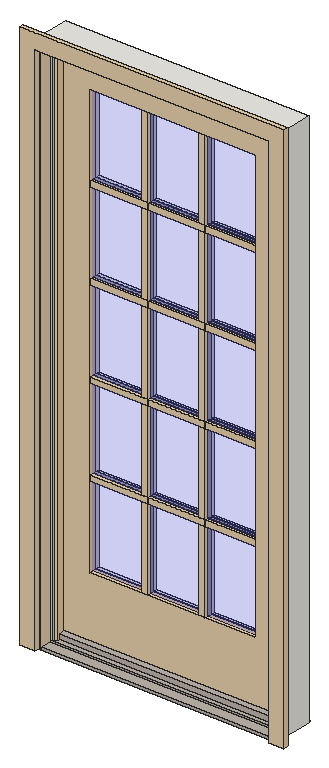
Revit family "Door-Outswing-Andersen-400_Series-Single 4", category Doors, host Wall, Revit 2013
Parameters
  Visual Light Transmittance = 0.37  # constant formula
  Type Comments = "Vinyl-clad wood outswing single door"  # constant formula
  Thermal Resistance (R) = 0.58645  # 3.3300 (h·ft²·°F)/BTU
  Solar Heat Gain Coefficient = 0.16  # constant formula
  Rough Width = Width + (Rough Opening Offset * 2)  # 3' - 0 159/256"
  Rough Opening Offset = 0' - 0 3/8"
  Masonry Width = if(Enter Exterior Trim Number > 0, Width + ((casing4 + Masonry Opening Offset) * 2), Width + (Masonry Opening Offset * 2))  # 3' - 0 159/256"
  Masonry Opening Offset = 0' - 0 3/8"
  Masonry Height = if(Enter Exterior Trim Number > 0, Height + (casing4 + 0' 0 1/2"), Height + 0' 0 1/2")  # 6' - 8 1/2"
  Learn About These Parameters = "http://www.andersenwindows.com/for-professionals/cad-symbols-bim-support-window-doors/bim-support"
  Heat Transfer Coefficient (U) = 1.7035  # 0.3000 BTU/(h·ft²·°F)
  Grille Bar Sizes = "3/4'', 7/8'', 1 1/8'', 2 1/4''"  # constant formula
  Between Glass Grille Bar Sizes = "3/4'', 1''"  # constant formula
  Interior Trim Visibility = yes
  Grille Bar Size = 0' - 0 7/8"
  Enter Pattern Number = 1
  Assembly Code = "B2030100"
  ..Pattern Number 1 = "Colonial"  # constant formula
  . . Lights Wide = 3
  . . Lights High = 5
  ..Pattern Number 2 = "Modified Colonial"  # constant formula
  ..Pattern Number 3 = "Prairie"  # constant formula
  ..Pattern Number 4 = "Short Fractional"  # constant formula
  ..Pattern Number 5 = "Tall Fractional"  # constant formula
  Extension Jamb Visibility = yes
  Enter Exterior Trim Number = 0
  ..Exterior Trim Number 0 = "No Exterior Trim"  # constant formula
  ..Exterior Trim Number 1 = "Brick Mould"  # constant formula
  ..Exterior Trim Number 2 = "3 1/2'' Flat Casing"  # constant formula
  ..Exterior Trim Number 3 = "4 1/2'' Flat Casing"  # constant formula
  Interior Grille Bar Visibility = yes
  Exterior Grille Bar Visibility = yes
  Between Glass Grille Bar Visibility = yes
  xjamb Visibility [instance] = and(Extension Jamb Visibility, Wall Depth > 0' 4 9/16")  # no
  xjamb S1 [instance] = if(Wall Depth < 0' 4 5/8", 0' 0 1/16", 0' 0")  # 0' - 0 1/16"
  casingS2 = if(Enter Exterior Trim Number = 1, 0' 0 3/16", 0' 0 3/16")  # 0' - 0 3/16"
  casingS1 = if(Enter Exterior Trim Number = 1, 0' 0 7/16", 0' 0 3/16")  # 0' - 0 3/16"
  casing4 = if(Enter Exterior Trim Number = 1, 0' 1 3/4", if(Enter Exterior Trim Number = 2, 0' 3 1/4", 0' 4 1/4"))  # 0' - 4 1/4"
  casing3 = 0' - 0 1/2"  # constant formula
  casing2 = 0' - 0 7/8"  # constant formula
  casing1 = 0' - 0 1/4"  # constant formula
  Wall Thickness [instance] = 0' - 8"
  Wall Depth [instance] = 0' - 4 9/16"
  Void Offset 1 [instance] = if(Enter Exterior Trim Number > 0, casing4, 0' 0")  # 0' - 0"
  Void Depth [instance] = if(Wall Thickness > Wall Depth, 0' 1" + Wall Thickness - Wall Depth, 0' 1")  # 0' - 4 7/16"
  VGB DLO = if(Enter Pattern Number = 3, 0' 4", (H DLO - (Grille Bar Size * (V Bars))) / if(LWide > 2, LWide, 3))  # 0' - 7.60286"
  V Bars = if(Enter Pattern Number = 3, 2, if(LWide > 2, LWide - 1, 2))  # 2
  URL = "www.andersenwindows.com"
  Thickness = 2' - 3.70457"
  TS V DLO = Height - HGO - SGO  # 5' - 3 3/4"
  TS V Bar Length = if(or(Enter Pattern Number = 5, Enter Pattern Number = 2), ((((Height - HGO - SGO - (Grille Bar Size * (Fractional Lights High - 1))) / Fractional Lights High)) * TFL) + (TFB * Grille Bar Size), if(Enter Pattern Number = 4, ((Height - HGO - SGO - (Grille Bar Size * (Fractional Lights High - 1))) / Fractional Lights High), Height - HGO - SGO))  # 5' - 3 3/4"
  TS SH DLO = if(or(Enter Pattern Number = 5, Enter Pattern Number = 2), ((((Height - HGO - SGO - (Grille Bar Size * (Fractional Lights High - 1))) / Fractional Lights High)) * TFL) + (TFB * Grille Bar Size) + HGO + (Grille Bar Size / 2), if(Enter Pattern Number = 4, TS V Bar Length + HGO + (Grille Bar Size / 2), (TS V DLO / 2) + HGO))  # 3' - 1 13/16"
  TS S V = or(and(LWide = 2, Enter Pattern Number = 1), and(Fractional Lights Wide = 2, or(or(Enter Pattern Number = 2, Enter Pattern Number = 4), Enter Pattern Number = 5)))  # no
  TS S H Craftsman = and(Enter Pattern Number = 2, or(Fractional Lights High = 4, Fractional Lights High = 5))  # no
  TS S H = or(or(or(and(. . Lights High = 2, Enter Pattern Number = 1), and(Enter Pattern Number = 4, Fractional Lights High > 1)), and(Enter Pattern Number = 5, Fractional Lights High > 1)), and(Enter Pattern Number = 2, Fractional Lights High > 1))  # no
  TS M V = and(Enter Pattern Number > 0, LWide > 2)  # yes
  TS M H = or(or(Enter Pattern Number = 3, and(. . Lights High > 2, Enter Pattern Number = 1)), and(Enter Pattern Number = 2, Fractional Lights High > 5))  # yes
  TS HGB DLO = if(Enter Pattern Number = 1, if(. . Lights High > 2, ((TS V Bar Length - (Grille Bar Size * (. . Lights High - 1))) / . . Lights High), 0' 4"), if(Enter Pattern Number = 3, 0' 4", if(Fractional Lights High > 2, ((TS V Bar Length - (Grille Bar Size * 2)) / 3), 0' 4")))  # 1' - 0.05"
  TS H Bars = if(Enter Pattern Number = 3, 2, if(Enter Pattern Number = 1, if(. . Lights High > 2, . . Lights High - 1, 2), 2))  # 4
  TFL = if(Fractional Lights High > 5, 3, if(or(Fractional Lights High = 4, Fractional Lights High = 5), 2, if(or(Fractional Lights High = 2, Fractional Lights High = 3), 1, 1)))  # 2
  TFB = TFL - 1  # 1
  Sill Interior Offset [instance] = 0' - 0"  # constant formula
  Sill Height [instance] = 0' - 1 1/4"  # constant formula
  Rough Height = if(1 > 0, Height + 0' 0 1/2", 0' 0")  # 6' - 8 1/2"
  Panel Bottom Inset [instance] = 0' - 2 5/32"  # constant formula
  Sill Depth [instance] = 0' - 6"  # constant formula
  SGO = 0' - 10 5/16"  # constant formula
  Product Documentation Link = "http://www.andersenwindows.com/products/400-series-frenchwood-hinged-patio-door/"
  Panel Width = (Width) - (0' 1 1/2" * 2)  # 2' - 8 223/256"
  Panel Height [instance] = (CTRL Height - 0' 0 1/2" - Panel Bottom Inset) - 0' 0 3/32"  # 6' - 5 1/4"
  Nail Fin Visibility = Enter Exterior Trim Number = 0  # yes
  Model = "400 Series"  # constant formula
  Manufacturer = "Andersen Corporation"  # constant formula
  LWide = if(Enter Pattern Number = 3, 3, if(Enter Pattern Number = 1, . . Lights Wide, Fractional Lights Wide))  # 3
  JGO = 0' - 5 21/32"  # constant formula
  Is Gliding = 1 = 1  # yes
  Interior Unit Finish = Wood - Andersen - Pine
  Interior Trim Size = 0' - 2 1/4"
  Interior Trim Finish = Wood - Andersen - Pine
  Horizontal Craftsman Bar Size = 0' - 0 3/4"
  HGO = 0' - 5 15/16"  # constant formula
  H DLO = (Width) - JGO - JGO  # 2' - 0 143/256"
  Glazing Material = Glass ‐ Andersen - Low-E4 SmartSun
  Function = Exterior
  Height = 6' - 8"
  Wall Closure = By host
  Width = 2' - 11 223/256"
  Frame Interior Inset [instance] = 0' - 0"  # constant formula
  Frame Depth [instance] = 0' - 5 7/8"  # constant formula
  Fractional Lights Wide = 3
  Fractional Lights High = 5
  Family Version = "06.01.14"  # constant formula
  Exterior Unit Finish = Fiberglass - Andersen - White
  Exterior Trim Finish = Fibrex Composite - Andersen - White
  Designation = "FWO"
  Description = "Vinyl-clad wood outswing single door"  # constant formula
  Coarse Plan [instance] = if(Wall Depth > Wall Thickness, Wall Thickness, Wall Depth)  # 0' - 4 9/16"
  Casing Visibility [instance] = Enter Exterior Trim Number > 0  # no
  CTRL Height [instance] = Height  # 6' - 8"
  Between Glass Grille Bar Finish = Stainless Steel - Andersen - Standard
  BS V DLO = Height - HGO - SGO  # 5' - 3 3/4"
  BS SH DLO = 3' - 6 3/16"
  BS S V = and(LWide = 2, Enter Pattern Number = 1)  # no
  BS M V = or(or(and(LWide > 2, Enter Pattern Number = 1), Enter Pattern Number = 3), Enter Pattern Number = 5)  # yes
Reference planes (in)
  plane 1 "Center (Front/Back)": y = 0
  plane 2 "Center (Left/Right)": x = 0
  plane 3 "R Frame": x = -17.93555
  plane 4 "L Frame": x = 17.93555
  plane 5 "T Frame": z = 80
  plane 6 "Wall S1": y = 5.0625
  plane 7 "Wall S2": y = -2.9375
  plane 8 "Interior Casing": y = -3.5625
  plane 9 "Frame S2": y = -2.9375
  plane 10 "Flange": y = 1.625
  plane 11 "Frame S1": y = 2.9375
  plane 12 "Casing S2": y = 3.125
  plane 13 "Casing S1": y = 3.125
  plane 14 "Exterior Offset": y = 6.0625
  plane 15 "Coarse Detail Plan": y = 1.5625
  plane 16 "R Rough Opening": x = -18.31055
  plane 17 "R Casing 1": x = -17.68555
  plane 18 "R Casing 2": x = -21.31055
  plane 19 "R Casing 3": x = -21.68555
  plane 20 "R Casing 4": x = -22.18555
  plane 21 "R Masonry Opening": x = -18.31055
  plane 22 "L Masonry Opening": x = 18.31055
  plane 23 "L Casing 4": x = 22.18555
  plane 24 "L Casing 3": x = 21.68555
  plane 25 "L Casing 2": x = 21.31055
  plane 26 "L Casing 1": x = 17.68555
  plane 27 "L Rough Opening": x = 18.31055
  plane 28 "T Rough Opening": z = 80.5
  plane 29 "T Casing 1": z = 79.75
  plane 30 "T Casing 2": z = 83.375
  plane 31 "T Casing 3": z = 83.75
  plane 32 "T Casing 4": z = 84.25
  plane 33 "T Masonry Opening": z = 80.5
  plane 34 "R Int Casing": x = -19.43555
  plane 35 "R Xjamb 2": x = -17.81055
  plane 36 "R Xjamb 1": x = -17.18555
  plane 37 "L Int Casing": x = 19.43555
  plane 38 "L Xjamb 2": x = 17.81055
  plane 39 "L Xjamb 1": x = 17.18555
  plane 40 "T Int Casing": z = 81.5
  plane 41 "T Xjamb 2": z = 79.875
  plane 42 "T Xjamb 1": z = 79.25
  plane 43 "L Panel": x = 16.5293
  plane 44 "R Panel": x = -16.5293
  plane 45 "T Panel": z = 78.6875
  plane 46 "B Panel": z = 1.4375
  plane 47 "B Glazing": z = 10.3125
  plane 48 "T Glazing": z = 74.0625
  plane 49 "L Glazing": x = 12.2793
  plane 50 "Panel1 S1": y = 0.09813
  plane 51 "Xjamb S1": y = -2.875
  plane 52 "Frame S2 Ext": y = 2.9375
  plane 53 "Stop Exterior": y = 0.28125
  plane 54 "Stop Interior": y = -1.21875
  plane 55 "Sill Interior": y = -2.9375
  plane 56 "Sill Exterior": y = 3.0625
  plane 57 "L Stop": x = 16.2168
  plane 58 "R Stop": x = -16.2168
  plane 59 "T Stop": z = 78.19848
  plane 60 "Sill Height": z = 1.25
  plane 61 "Panel2 S1": y = 2
  plane 62 "Panel2 S2": y = 0.28125
  plane 63 "R Panel Jamb": x = -15.50208
  plane 64 "Panel Elevation Center": z = 40.0625
  plane 65 "Vertical Bar Length": z = 10.3125
  plane 66: x = -5.31055
  plane 67 "R Glazing": x = -12.2793
  plane 68 "Back of Glazing": y = 1.52525
  plane 69 "Front of Glazing": y = 0.78125
  plane 70 "Glazing offset": x = 13.33325
  plane 71 "Left Glazing Offset": x = -13.20825
Forms (in)
  Extrusion 1, void
    sketch origin (0, 0, 0) x (1, 0, 0) y (0, 0, 1)
      loop
        line (17.93555, 80) -> (-17.93555, 80) -> (-17.93555, 0) -> (17.93555, 0) -> (17.93555, 80)
    from -1.625 to 2.9375
  Extrusion 2, void
    sketch origin (0, 0, 0) x (1, 0, 0) y (0, 0, 1)
      loop
        line (17.93555, 80) -> (-17.93555, 80) -> (-17.93555, 0) -> (17.93555, 0) -> (17.93555, 80)
    from -17.0625 to -1.625
  Sweep 3, solid, material "Fibrex Composite - Andersen - White" <- "Exterior Trim Finish", visible <- "Casing Visibility", detail levels medium+fine
    path origin (0, 1.625, 0) x (-1, 0, 0) y (0, 0, 1)
      loop
        line (-22.18555, 0) -> (-22.18555, 84.25) -> (22.18555, 84.25) -> (22.18555, 0)
    profile origin (22.18555, 1.625, 42.125) x (1, 0, 0) y (0, 1, 0)
      loop
        line (-0.875, 1.5) -> (-4.5, 1.5) -> (-4.5, 0) -> (0, 0) -> (0, 1.5) -> (-0.5, 1.5) -> (-0.875, 1.5)
  Extrusion 4, solid, material "Fibrex Composite - Andersen - White" <- "Exterior Trim Finish", visible <- "Casing Visibility", detail levels coarse
    sketch origin (0, 1.625, 0) x (-1, 0, 0) y (0, 0, 1)
      loop
        line (-17.68555, 79.75) -> (17.68555, 79.75) -> (17.68555, 0) -> (22.18555, 0) -> (22.18555, 84.25) -> (-22.18555, 84.25) -> (-22.18555, 0) -> (-17.68555, 0) -> (-17.68555, 79.75)
    from 0 to 1.4375
  Extrusion 5, solid, material "Wood - Andersen - Pine" <- "Interior Trim Finish", visible <- "Interior Trim Visibility", detail levels fine
    sketch origin (0, 0, 0) x (1, 0, 0) y (0, 0, 1)
      loop
        line (-17.18555, 79.25) -> (17.18555, 79.25) -> (17.18555, 0) -> (19.43555, 0) -> (19.43555, 81.5) -> (-19.43555, 81.5) -> (-19.43555, 0) -> (-17.18555, 0) -> (-17.18555, 79.25)
    from 2.9375 to 3.5625
  Extrusion 6, solid, material "Wood - Andersen - Pine" <- "Interior Trim Finish", visible <- "xjamb Visibility", detail levels medium+fine
    sketch origin (0, 0, 0) x (1, 0, 0) y (0, 0, 1)
      loop
        line (-17.81055, 0) -> (-17.18555, 0) -> (-17.18555, 79.25) -> (17.18555, 79.25) -> (17.18555, 0) -> (17.81055, 0) -> (17.81055, 79.875) -> (-17.81055, 79.875) -> (-17.81055, 0)
    from 2.875 to 2.9375
  Sweep 7, solid, material "Fiberglass - Andersen - White" <- "Exterior Unit Finish", detail levels medium+fine
    path origin (0, 1.625, 0) x (-1, 0, 0) y (0, 0, 1)
      loop
        line (-17.93555, 0) -> (-17.93555, 80) -> (17.93555, 80) -> (17.93555, 0)
    profile origin (17.93555, 1.625, 40) x (1, 0, 0) y (0, 1, 0)
      loop
        line (0, -4.5625) -> (0, 1.3125) -> (-0.5625, 1.3125) -> (-0.5625, -0.13232) -> (-1.28125, -0.13232) -> (-1.28125, -1.34375) -> (-1.71875, -1.34375) -> (-1.71875, -2.27216) -> (-1.40625, -2.64423) -> (-1.40625, -2.84375) -> (-1.03125, -2.84375) -> (-1.03125, -4.5625) -> (0, -4.5625)
  Sweep 8, solid, material "Fiberglass - Andersen - White" <- "Exterior Unit Finish", detail levels coarse
    path origin (-0.30351, 1.625, 0) x (-1, 0, 0) y (0, 0, 1)
      loop
        line (-18.23906, 0) -> (-18.23906, 80) -> (17.63204, 80) -> (17.63204, 0)
    profile origin (17.93555, 1.625, 40) x (1, 0, 0) y (0, 1, 0)
      loop
        line (-1.40625, -4.5625) -> (0, -4.5625) -> (0, 1.4375) -> (-1.40625, 1.4375) -> (-1.40625, -4.5625)
  Sweep 9, solid, material "Aluminum - Andersen - Painted - Sandtone", detail levels medium+fine
    path origin (0, 1.625, 0) x (-1, 0, 0) y (0, 0, 1)
      loop
        line (-17.93555, 0) -> (17.93555, 0)
    profile origin (0, 1.625, 0) x (0, 0, 1) y (0, 1, 0)
      loop
        line (0.32, -2.87202) -> (0.5, -2.87202) -> (0.5, -2.1085) -> (1.25, -2.1085) -> (1.25, -0.25307) -> (0.43839, -0.25307) -> (0.17079, 1.4375) -> (0, 1.4375) -> (0, -4.5625) -> (0.32, -4.5625) -> (0.32, -2.87202)
  Sweep 10, solid, material "Aluminum - Andersen - Painted - Sandtone", detail levels coarse
    path origin (0, 1.625, 0) x (-1, 0, 0) y (0, 0, 1)
      loop
        line (-16.5293, 1.4375) -> (16.5293, 1.4375)
    profile origin (0, 1.625, 1.4375) x (0, 0, 1) y (0, 1, 0)
      loop
        line (0, 1.4375) -> (-1.4375, 1.4375) -> (-1.4375, -4.5625) -> (0, -4.5625) -> (0, 1.4375)
  Sweep 11, solid, material "Fiberglass - Andersen - White" <- "Exterior Unit Finish"
    path origin (0, 0.28125, 0) x (-1, 0, 0) y (0, 0, 1)
      loop
        line (17.0918, 78.6875) -> (-17.0918, 78.6875)
    profile origin (0, 0.28125, 78.6875) x (0, 0, -1) y (0, 1, 0)
      loop
        line (-0.65625, 1.71875) -> (-0.65625, 1.244) -> (4.625, 1.244) -> (4.625, 1.71875) -> (-0.65625, 1.71875)
      loop
        line (68.375, 1.71875) -> (68.375, 1.244) -> (78.03125, 1.244) -> (78.03125, 1.71875) -> (68.375, 1.71875)
  Sweep 12, solid, material "Glass ‐ Andersen - Low-E4 SmartSun" <- "Glazing Material"
    path origin (0, 0, 0) x (1, 0, 0) y (0, 1, 0)
      loop
        line (-12.2793, 0.78125) -> (12.2793, 0.78125)
    profile origin (0, 0.78125, 0) x (0, 1, 0) y (0, 0, 1)
      loop
        line (0.744, 74.0625) -> (0, 74.0625) -> (0, 10.3125) -> (0.744, 10.3125) -> (0.744, 74.0625)
  Sweep 13, solid, material "Wood - Andersen - Pine" <- "Interior Unit Finish"
    path origin (0, 1.625, 0) x (-1, 0, 0) y (0, 0, 1)
      loop
        line (-16.5293, 40.0625) -> (16.5293, 40.0625)
    profile origin (0, 1.625, 40.0625) x (0, 0, 1) y (0, 1, 0)
      loop
        line (-29.75, -0.09975) -> (-38.625, -0.09975) -> (-38.625, -1.34375) -> (-29.75, -1.34375) -> (-29.75, -0.09975)
      loop
        line (38.625, -0.09975) -> (34, -0.09975) -> (34, -1.34375) -> (38.625, -1.34375) -> (38.625, -0.09975)
  Sweep 14, solid, material "Wood - Andersen - Pine" <- "Interior Unit Finish"
    path origin (0, 1.625, 0) x (-1, 0, 0) y (0, 0, 1)
      loop
        line (0, 78.19848) -> (0, 1.4375)
    profile origin (0, 1.625, 39.81799) x (0, 1, 0) y (-1, 0, 0)
      loop
        line (-0.09975, -16.5293) -> (-0.09975, -12.2793) -> (-1.34375, -12.2793) -> (-1.34375, -16.5293) -> (-0.09975, -16.5293)
      loop
        line (-0.09975, 12.2793) -> (-0.09975, 16.5293) -> (-1.34375, 16.5293) -> (-1.34375, 12.2793) -> (-0.09975, 12.2793)
  Sweep 15, solid, material "Fiberglass - Andersen - White" <- "Exterior Unit Finish"
    path origin (1.31335, 1.625, -1.03686) x (-1, 0, 0) y (0, 0, 1)
      loop
        line (1.31335, 75.09936) -> (1.31335, 11.34936)
    profile origin (0, 1.625, 42.1875) x (0, 1, 0) y (-1, 0, 0)
      loop
        line (0.375, -17.0918) -> (0.375, -12.2793) -> (-0.09975, -12.2793) -> (-0.09975, -17.0918) -> (0.375, -17.0918)
      loop
        line (0.375, 12.2793) -> (0.375, 17.0918) -> (-0.09975, 17.0918) -> (-0.09975, 12.2793) -> (0.375, 12.2793)
  Sweep 16, void
    path origin (-0.01285, 1.625, -0.25051) x (-1, 0, 0) y (0, 0, 1)
      loop
        line (-17.93555, 0.25051) -> (-17.93555, 10.56301)
    profile origin (17.9227, 1.625, 5.15625) x (1, 0, 0) y (0, 1, 0)
      loop
        line (0.01285, -4.5625) -> (0.01285, 1.3125) -> (-0.54965, 1.3125) -> (-0.54965, -0.13232) -> (-1.2684, -0.13232) -> (-1.2684, -1.34375) -> (-1.7059, -1.34375) -> (-1.7059, -2.27216) -> (-1.3934, -2.64423) -> (-1.3934, -2.84375) -> (-1.0184, -2.84375) -> (-1.0184, -4.5625) -> (0.01285, -4.5625)
      loop
        line (-35.85825, -4.5625) -> (-34.827, -4.5625) -> (-34.827, -2.84375) -> (-34.452, -2.84375) -> (-34.452, -2.64423) -> (-34.1395, -2.27216) -> (-34.1395, -1.34375) -> (-34.577, -1.34375) -> (-34.577, -0.13232) -> (-35.29575, -0.13232) -> (-35.29575, 1.3125) -> (-35.85825, 1.3125) -> (-35.85825, -4.5625)
Cuts and joins
  joined: Sweep 13, Sweep 14
  joined: Sweep 11, Sweep 15
  Sweep 16 cuts Sweep 9
Lines and regions (in)
  Masking region 1
    outline origin (0, 0, 0) x (1, 0, 0) y (0, 1, 0)
      loop
        line (-17.93555, 3.0625) -> (-17.93555, -2.9375) -> (17.93555, -2.9375) -> (17.93555, 3.0625) -> (-17.93555, 3.0625)
  Masking region 2
    outline origin (0, 0, 0) x (0, 1, 0) y (0, 0, 1)
      loop
        line (2.9375, 80) -> (-2.9375, 80) -> (-2.9375, 0) -> (2.9375, 0) -> (2.9375, 80)
  Masking region 3, visible <- "Casing Visibility", detail levels medium
    outline origin (0, 0, 0) x (1, 0, 0) y (0, 1, 0)
      loop
        line (-22.18555, 3.125) -> (-22.18555, 1.625) -> (-17.93555, 1.625) -> (-17.93555, 3.125) -> (-22.18555, 3.125)
  Masking region 4, visible <- "Casing Visibility", detail levels medium
    outline origin (0, 0, 0) x (1, 0, 0) y (0, 1, 0)
      loop
        line (17.93555, 3.125) -> (17.93555, 1.625) -> (22.18555, 1.625) -> (22.18555, 3.125) -> (17.93555, 3.125)
  Masking region 5, visible <- "Casing Visibility"
    outline origin (0, 3.125, 0) x (-1, 0, 0) y (0, 0, 1)
      loop
        line (-22.18555, 84.25) -> (-22.18555, 0) -> (-17.93555, 0) -> (-17.93555, 80) -> (17.93555, 80) -> (17.93555, 0) -> (22.18555, 0) -> (22.18555, 84.25) -> (-22.18555, 84.25)
  Masking region 6, visible <- "Interior Trim Visibility", detail levels fine
    outline origin (0, -3.5625, 0) x (-1, 0, 0) y (0, 0, 1)
      loop
        line (-19.43555, 81.5) -> (-19.43555, 0) -> (-17.18555, 0) -> (-17.18555, 79.25) -> (17.18555, 79.25) -> (17.18555, 0) -> (19.43555, 0) -> (19.43555, 81.5) -> (-19.43555, 81.5)
  Masking region 7
    outline origin (0, -1.21875, 0) x (-1, 0, 0) y (0, 0, 1)
      loop
        line (-17.93555, 80) -> (-17.93555, 0) -> (17.93555, 0) -> (17.93555, 80) -> (-17.93555, 80)
      loop
        line (-16.2168, 78.19848) -> (-16.2168, 1.25) -> (16.2168, 1.25) -> (16.2168, 78.19848) -> (-16.2168, 78.19848)
  Masking region 8
    outline origin (0, 0.28125, 0) x (-1, 0, 0) y (0, 0, 1)
      loop
        line (17.93555, 80) -> (-17.93555, 80) -> (-17.93555, 0) -> (17.93555, 0) -> (17.93555, 80)
      loop
        line (16.2168, 78.19848) -> (-16.2168, 78.19848) -> (-16.2168, 1.4375) -> (16.2168, 1.4375) -> (16.2168, 78.19848)
  Masking region 9
    outline origin (0, 2, 0) x (-1, 0, 0) y (0, 0, 1)
      loop
        line (16.5332, 78.6875) -> (-16.5293, 78.6875) -> (-16.5293, 1.4375) -> (16.5332, 1.4375) -> (16.5332, 78.6875)
  Masking region 10, visible <- "Interior Trim Visibility", detail levels fine
    outline origin (0, 0, 0) x (1, 0, 0) y (0, 1, 0)
      loop
        line (-19.43555, -2.9375) -> (-19.43555, -3.5625) -> (-17.18555, -3.5625) -> (-17.18555, -2.9375) -> (-19.43555, -2.9375)
  Masking region 11, visible <- "xjamb Visibility", detail levels medium+fine
    outline origin (0, 0, 0) x (1, 0, 0) y (0, 1, 0)
      loop
        line (-17.81055, -2.875) -> (-17.81055, -2.9375) -> (-17.18555, -2.9375) -> (-17.18555, -2.875) -> (-17.81055, -2.875)
  Masking region 12, visible <- "Interior Trim Visibility", detail levels fine
    outline origin (0, 0, 0) x (1, 0, 0) y (0, 1, 0)
      loop
        line (17.18555, -2.9375) -> (17.18555, -3.5625) -> (19.43555, -3.5625) -> (19.43555, -2.9375) -> (17.18555, -2.9375)
  Masking region 13, visible <- "xjamb Visibility", detail levels medium+fine
    outline origin (0, 0, 0) x (1, 0, 0) y (0, 1, 0)
      loop
        line (17.18555, -2.875) -> (17.18555, -2.9375) -> (17.81055, -2.9375) -> (17.81055, -2.875) -> (17.18555, -2.875)
  Masking region 14, visible <- "Interior Trim Visibility", detail levels fine
    outline origin (0, 0, 0) x (0, 1, 0) y (0, 0, 1)
      loop
        line (-2.9375, 81.5) -> (-3.5625, 81.5) -> (-3.5625, 0) -> (-2.9375, 0) -> (-2.9375, 81.5)
  Masking region 15, visible <- "xjamb Visibility", detail levels medium+fine
    outline origin (0, 0, 0) x (0, 1, 0) y (0, 0, 1)
      loop
        line (-2.875, 79.875) -> (-2.9375, 79.875) -> (-2.9375, 0) -> (-2.875, 0) -> (-2.875, 79.875)
  Masking region 16, visible <- "Casing Visibility", detail levels fine
    outline origin (0, 0, 0) x (0, 1, 0) y (-1, 0, 0)
      loop
        line (3.125, 17.68555) -> (3.125, 21.31055) -> (3.125, 21.68555) -> (3.125, 22.18555) -> (1.625, 22.18555) -> (1.625, 17.93555) -> (2.9375, 17.93555) -> (2.9375, 17.68555) -> (3.125, 17.68555)
      loop
        line (3.125, -17.68555) -> (2.9375, -17.68555) -> (2.9375, -17.93555) -> (1.625, -17.93555) -> (1.625, -22.18555) -> (3.125, -22.18555) -> (3.125, -21.68555) -> (3.125, -21.31055) -> (3.125, -17.68555)
  Masking region 17, visible <- "Casing Visibility"
    outline origin (0, 0, 0) x (0, 1, 0) y (0, 0, 1)
      loop
        line (1.625, 84.25) -> (1.625, 80) -> (2.9375, 80) -> (2.9375, 0) -> (3.125, 0) -> (3.125, 84.25) -> (1.625, 84.25)
  Split face 1
    outline origin (-16.5293, -2.9375, 78.59375) x (0, 0, -1) y (0, 1, 0)
      loop
        line (78.59375, 4.46275) -> (0, 4.46275)
  Split face 2
    outline origin (16.5293, -2.9375, 78.59375) x (0, 1, 0) y (-1, 0, 0)
      loop
        line (4.46275, 33.05859) -> (4.46275, 0)
  Split face 3
    outline origin (16.5293, -2.9375, 0) x (0, 0, 1) y (0, 1, 0)
      loop
        line (78.59375, 4.46275) -> (0, 4.46275)
  symbolic lines, style "DoorsFrameMullionProjection", visible <- "Casing Visibility", detail levels medium+fine
    curve 1: line (0, 3.125, 83.75) -> (0, 3.125, 83.375)
    curve 2: line (0, 3.125, 83.375) -> (0, 3.125, 79.75)
    curve 3: line (0, 3.125, 79.75) -> (0, 2.9375, 79.75)
  symbolic lines, style "DoorsFrameMullionProjection", visible <- "Casing Visibility", detail levels coarse
    curve 4: line (0, 2.9375, 80) -> (0, 3.125, 80)
  symbolic lines, style "DoorsFrameMullionProjection", detail levels coarse
    curve 5: line (16.5293, 3.0625, 2.1562) -> (16.5293, 0.28125, 2.1562)
    curve 6: line (0, -2.9375, 78.6875) -> (0, 2.9375, 78.6875)
    curve 32: line (-16.5293, 3.0625, 2.1562) -> (-16.5293, -2.9375, 2.1562)
    curve 34: line (0, 2, 78.6875) -> (0, 0.28125, 78.6875)
    curve 37: line (0, 0.28125, 78.6875) -> (0, 0.28125, 1.4375)
    curve 40: line (16.5293, 0.28125, 0) -> (16.5293, 2, 0)
    curve 116: line (16.5293, 3.0625, 2.1562) -> (16.5293, -2.9375, 2.1562)
    curve 187: line (16.53268, 0.28125, 0) -> (16.53268, 2, 0)
    curve 188: line (-16.5293, 2, 0) -> (16.53268, 2, 0)
    curve 189: line (16.53268, 0.28125, 0) -> (-16.5332, 0.28125, 0)
    curve 200: line (0, 2.9375, 1.4375) -> (0, -2.9375, 1.4375)
  symbolic lines, style "DoorsFrameMullionProjection", detail levels medium+fine
    curve 7: line (-17.56055, -2.9375, 1.4375) -> (-17.93555, -2.9375, 1.4375)
    curve 10: line (16.5293, 3.0625, 1.4375) -> (16.5293, 3.0625, 0)
    curve 11: line (-16.5293, 3.0625, 1.4375) -> (-16.5293, 3.0625, 0)
    curve 35: line (0, 2, 0.93635) -> (0, 2, 79.34375)
    curve 36: line (0, 0.28125, 1.4375) -> (0, 1.52525, 1.4375)
    curve 41: line (0, -1.24702, 0.32) -> (0, -2.9375, 0.32)
    curve 42: line (0, -1.24702, 0.5) -> (0, -1.24702, 0.32)
    curve 43: line (0, -0.4835, 0.5) -> (0, -1.24702, 0.5)
    curve 44: line (0, -0.4835, 1.25) -> (0, -0.4835, 0.5)
    curve 45: line (0, 1.37193, 1.25) -> (0, -0.4835, 1.25)
    curve 46: line (0, 1.37193, 0.43839) -> (0, 1.37193, 1.25)
    curve 47: line (0, 3.0625, 0.17079) -> (0, 1.37193, 0.43839)
    curve 48: line (0, 3.0625, 0) -> (0, 3.0625, 0.17079)
    curve 49: line (0, -2.9375, 0) -> (0, 3.0625, 0)
    curve 50: line (0, -2.9375, 0.32) -> (0, -2.9375, 0)
    curve 119: line (17.37305, 2.9375, 0) -> (17.37305, 1.52525, 0)
    curve 120: line (17.93555, 2.9375, 0) -> (17.37305, 2.9375, 0)
    curve 121: line (17.93555, -2.9375, 0) -> (17.93555, 2.9375, 0)
    curve 122: line (17.37305, 1.52525, 0) -> (16.5293, 1.52525, 0)
    curve 123: line (16.5293, 1.52525, 0) -> (16.5293, 0.28125, 0)
    curve 124: line (16.5293, 0.28125, 0) -> (16.21888, 0.28125, 0)
    curve 125: line (16.21888, 0.28125, 0) -> (16.21888, -0.64716, 0)
    curve 126: line (16.21888, -0.64716, 0) -> (16.5293, -1.01676, 0)
    curve 127: line (16.5293, -1.01676, 0) -> (16.5293, -1.21875, 0)
    curve 128: line (16.5293, -1.21875, 0) -> (16.91955, -1.21875, 0)
    curve 129: line (16.91955, -2.9375, 0) -> (17.93555, -2.9375, 0)
    curve 130: line (16.91955, -1.21875, 0) -> (16.91955, -2.9375, 0)
    curve 143: line (-17.37305, 2.9375, 0) -> (-17.37305, 1.52525, 0)
    curve 144: line (-17.93555, 2.9375, 0) -> (-17.37305, 2.9375, 0)
    curve 145: line (-17.93555, -2.9375, 0) -> (-17.93555, 2.9375, 0)
    curve 146: line (-17.37305, 1.52525, 0) -> (-16.5293, 1.52525, 0)
    curve 147: line (-16.5293, 1.52525, 0) -> (-16.5293, 0.28125, 0)
    curve 148: line (-16.5293, 0.28125, 0) -> (-16.21888, 0.28125, 0)
    curve 149: line (-16.21888, 0.28125, 0) -> (-16.21888, -0.64716, 0)
    curve 150: line (-16.21888, -0.64716, 0) -> (-16.5293, -1.01676, 0)
    curve 151: line (-16.5293, -1.01676, 0) -> (-16.5293, -1.21875, 0)
    curve 152: line (-16.5293, -1.21875, 0) -> (-16.91955, -1.21875, 0)
    curve 153: line (-16.91955, -2.9375, 0) -> (-17.93555, -2.9375, 0)
    curve 154: line (-16.91955, -1.21875, 0) -> (-16.91955, -2.9375, 0)
    curve 155: line (0, -2.9375, 78.96875) -> (0, -1.21875, 78.96875)
    curve 157: line (0, 0.28125, 78.6875) -> (0, 1.52525, 78.6875)
    curve 158: line (0, 1.52525, 78.6875) -> (0, 1.52525, 79.4375)
    curve 159: line (0, 1.52525, 79.4375) -> (0, 2.9375, 79.4375)
    curve 160: line (0, 2.9375, 79.4375) -> (0, 2.9375, 80)
    curve 161: line (0, 2.9375, 80) -> (0, -2.9375, 80)
    curve 162: line (0, -2.9375, 78.96875) -> (0, -2.9375, 80)
    curve 170: line (16.53268, 0.28125, 0) -> (16.53268, 1.52525, 0)
    curve 171: line (16.53268, 1.52525, 0) -> (17.12602, 1.52525, 0)
    curve 172: line (-17.37305, 2, 0) -> (-17.37305, 1.52525, 0)
    curve 173: line (-16.5293, 1.52525, 0) -> (-16.5293, 1.33775, 0)
    curve 174: line (-16.5293, 1.52525, 0) -> (-17.37305, 1.52525, 0)
    curve 175: line (0, -1.21875, 78.96875) -> (0, -1.21875, 78.584)
    curve 176: line (0, -1.21875, 78.584) -> (0, -1.00515, 78.584)
    curve 177: line (0, -1.00515, 78.584) -> (0, -0.64716, 78.28333)
    curve 178: line (0, -0.64716, 78.28333) -> (0, 0.28125, 78.28333)
    curve 179: line (0, 0.28125, 78.6875) -> (0, 0.28125, 78.28333)
    curve 185: line (0, 1.52525, 1.4375) -> (0, 1.52525, 0.93635)
    curve 186: line (0, 1.52525, 0.93635) -> (0, 2, 0.93635)
    curve 191: line (0, 2, 79.34375) -> (0, 1.52525, 79.34375)
  symbolic lines, style "DoorsFrameMullionProjection", not visible, detail levels fine
    curve 8: line (0, 2, 0) -> (0, -2.9375, 0)
  symbolic lines, style "DoorsFrameMullionProjection", detail levels fine
    curve 9: line (0, 2, 0) -> (0, -2.9375, 0)
  symbolic lines, style "DoorsFrameMullionProjection", detail levels medium
    curve 12: line (-17.18555, -2.9375, 79.25) -> (-17.18555, -2.9375, 0)
    curve 13: line (17.18555, -2.9375, 79.25) -> (17.18555, -2.9375, 0)
    curve 14: line (-17.18555, -2.9375, 79.25) -> (17.18555, -2.9375, 79.25)
    curve 156: line (0, 0.28125, 78.49765) -> (0, 0.28125, 78.28333)
  symbolic lines, style "DoorsFrameMullionProjection", visible <- "Nail Fin Visibility", detail levels medium+fine
    curve 15: line (17.93555, 1.625, 1.4375) -> (19.56055, 1.625, 1.4375)
    curve 16: line (-17.93555, 1.625, 1.4375) -> (-19.56055, 1.625, 1.4375)
    curve 17: line (0, 1.625, 81.625) -> (0, 1.625, 80)
  symbolic lines, style "DoorsFrameMullionProjection", not visible, detail levels medium+fine
    curve 18: line (31.94848, -2.89521, 1.38489) -> (31.94848, -3.28125, 1.38489)
    curve 19: line (31.94848, -3.28125, 1.38489) -> (33.75, -3.28125, 1.38489)
    curve 20: line (33.75, -3.28125, 1.38489) -> (33.75, 1.84375, 1.38489)
    curve 21: line (33.75, 1.84375, 1.38489) -> (32.47864, 1.84375, 1.38489)
    curve 22: line (32.47864, 1.84375, 1.38489) -> (32.47864, -0.70765, 1.38489)
    curve 23: line (32.47864, -0.70765, 1.38489) -> (31.94848, -0.70765, 1.38489)
    curve 24: line (31.94848, -0.70765, 1.38489) -> (31.94848, -1.09369, 1.38489)
    curve 25: line (31.94848, -1.09369, 1.38489) -> (32.97792, -1.09369, 1.38489)
    curve 26: line (32.97792, -1.09369, 1.38489) -> (32.97792, -2.89521, 1.38489)
    curve 27: line (32.97792, -2.89521, 1.38489) -> (31.94848, -2.89521, 1.38489)
    curve 51: line (0, -0.24702, 0.32) -> (0, -1.9375, 0.32)
    curve 52: line (0, -0.24702, 0.5) -> (0, -0.24702, 0.32)
    curve 53: line (0, 0.5165, 0.5) -> (0, -0.24702, 0.5)
    curve 54: line (0, 0.5165, 1.25) -> (0, 0.5165, 0.5)
    curve 55: line (0, 2.37193, 1.25) -> (0, 0.5165, 1.25)
    curve 56: line (0, 2.37193, 0.43839) -> (0, 2.37193, 1.25)
    curve 57: line (0, 4.0625, 0.17079) -> (0, 2.37193, 0.43839)
    curve 58: line (0, 4.0625, 0) -> (0, 4.0625, 0.17079)
    curve 59: line (0, -1.9375, 0) -> (0, 4.0625, 0)
    curve 60: line (0, -1.9375, 0.32) -> (0, -1.9375, 0)
    curve 131: line (17.5, 5.48047, 0) -> (17.5, 4.06822, 0)
    curve 132: line (18.0625, 5.48047, 0) -> (17.5, 5.48047, 0)
    curve 133: line (18.0625, -0.39453, 0) -> (18.0625, 5.48047, 0)
    curve 134: line (17.5, 4.06822, 0) -> (16.65625, 4.06822, 0)
    curve 135: line (16.65625, 4.06822, 0) -> (16.65625, 2.82422, 0)
    curve 136: line (16.65625, 2.82422, 0) -> (16.34583, 2.82422, 0)
    curve 137: line (16.34583, 2.82422, 0) -> (16.34583, 1.89581, 0)
    curve 138: line (16.34583, 1.89581, 0) -> (16.65625, 1.52621, 0)
    curve 139: line (16.65625, 1.52621, 0) -> (16.65625, 1.32422, 0)
    curve 140: line (16.65625, 1.32422, 0) -> (17.0465, 1.32422, 0)
    curve 141: line (17.0465, -0.39453, 0) -> (18.0625, -0.39453, 0)
    curve 142: line (17.0465, 1.32422, 0) -> (17.0465, -0.39453, 0)
    curve 163: line (0, -2.9375, 78.96875) -> (0, -1.21875, 78.96875)
    curve 164: line (0, 0.28125, 78.6875) -> (0, 1.52525, 78.6875)
    curve 165: line (0, 1.52525, 78.6875) -> (0, 1.52525, 79.4375)
    curve 166: line (0, 1.52525, 79.4375) -> (0, 2.9375, 79.4375)
    curve 167: line (0, 2.9375, 79.4375) -> (0, 2.9375, 80)
    curve 168: line (0, 2.9375, 80) -> (0, -2.9375, 80)
    curve 169: line (0, -2.9375, 78.96875) -> (0, -2.9375, 80)
    curve 180: line (0, -1.21875, 78.96875) -> (0, -1.21875, 78.584)
    curve 181: line (0, -1.21875, 78.584) -> (0, -1.00515, 78.584)
    curve 182: line (0, -1.00515, 78.584) -> (0, -0.64716, 78.28333)
    curve 183: line (0, -0.64716, 78.28333) -> (0, 0.28125, 78.28333)
    curve 184: line (0, 0.28125, 78.6875) -> (0, 0.28125, 78.28333)
  symbolic lines, style "DoorsFrameMullionProjection"
    curve 28: line (-12.2793, 0.28125, 74.0625) -> (12.2793, 0.28125, 74.0625)
    curve 29: line (-12.2793, 0.28125, 10.3125) -> (-12.2793, 0.28125, 74.0625)
    curve 30: line (12.2793, 0.28125, 10.3125) -> (-12.2793, 0.28125, 10.3125)
    curve 31: line (12.2793, 0.28125, 74.0625) -> (12.2793, 0.28125, 10.3125)
    curve 68: line (0, 0.28125, 9.40545) -> (0, 0.28125, 10.20745)
    curve 69: line (0, 0.28125, 10.20745) -> (0, 0.78125, 10.3125)
    curve 70: line (0, 0.78125, 10.3125) -> (0, 0.78125, 9.53045)
    curve 71: line (0, 0.78125, 9.53045) -> (0, 2, 9.53045)
    curve 72: line (0, 1.52525, 9.53045) -> (0, 1.52525, 10.3125)
    curve 73: line (0, 1.52525, 10.3125) -> (0, 2, 10.15036)
    curve 74: line (0, 2, 10.15036) -> (0, 2, 9.40545)
    curve 75: line (0, 0.28125, 74.94783) -> (0, 0.28125, 74.14583)
    curve 76: line (0, 0.28125, 74.14583) -> (0, 0.78125, 74.04078)
    curve 77: line (0, 0.78125, 74.04078) -> (0, 0.78125, 74.82283)
    curve 78: line (0, 0.78125, 74.82283) -> (0, 2, 74.82283)
    curve 79: line (0, 1.52525, 74.82283) -> (0, 1.52525, 74.04078)
    curve 80: line (0, 1.52525, 74.04078) -> (0, 2, 74.20292)
    curve 81: line (0, 2, 74.20292) -> (0, 2, 74.94783)
    curve 190: line (0, 0.28125, 78.28333) -> (0, 0.28125, 1.4375)
    curve 192: line (0, 2, 78.6875) -> (0, 2, 1.4375)
  symbolic lines, style "DoorsPanelProjection", detail levels medium+fine
    curve 33: line (-17.37305, 2, 1.4375) -> (17.37305, 2, 1.4375)
  symbolic lines, style "DoorsFrameMullionProjection", visible <- "Interior Trim Visibility", detail levels fine
    curve 38: line (0, -2.9375, 79.25) -> (0, -3.5625, 79.25)
  symbolic lines, style "DoorsFrameMullionProjection", visible <- "xjamb Visibility", detail levels medium+fine
    curve 39: line (0, -2.875, 79.25) -> (0, -2.9375, 79.25)
  symbolic lines, style "DoorsFrameMullionProjection", not visible
    curve 61: line (0, 17.05492, 26.43357) -> (0, 17.05492, 27.23557)
    curve 62: line (0, 17.05492, 27.23557) -> (0, 16.55492, 27.34062)
    curve 63: line (0, 16.55492, 27.34062) -> (0, 16.55492, 26.55857)
    curve 64: line (0, 16.55492, 26.55857) -> (0, 15.33617, 26.55857)
    curve 65: line (0, 15.81092, 26.55857) -> (0, 15.81092, 27.34062)
    curve 66: line (0, 15.81092, 27.34062) -> (0, 15.33617, 27.17848)
    curve 67: line (0, 15.33617, 27.17848) -> (0, 15.33617, 26.43357)
  symbolic lines, style "DoorsGlassProjection"
    curve 82: line (0, 0.78125, 74.0625) -> (0, 0.78125, 9.55217)
    curve 83: line (0, 1.52525, 9.55217) -> (0, 1.52525, 74.0625)
  symbolic lines, style "DoorsGlassProjection", detail levels fine
    curve 84: line (0, 0.78125, 9.67717) -> (0, 1.52525, 9.67717)
    curve 85: line (0, 0.9375, 9.67717) -> (0, 0.9375, 74.69783)
    curve 86: line (0, 0.78125, 74.69783) -> (0, 1.52525, 74.69783)
    curve 87: line (0, 1.369, 9.67717) -> (0, 1.369, 74.69783)
    curve 113: line (-13.20825, 1.369, 0) -> (13.20825, 1.369, 0)
    curve 114: line (-13.20825, 0.9375, 0) -> (13.20825, 0.9375, 0)
  symbolic lines, style "DoorsPanelProjection", detail levels fine
    curve 88: line (13.21606, 2, 0) -> (12.42436, 2, 0)
    curve 89: line (12.42436, 2, 0) -> (12.2793, 1.52525, 0)
    curve 90: line (12.2793, 1.52525, 0) -> (13.20825, 1.52525, 0)
    curve 91: line (13.20825, 1.52525, 0) -> (13.20825, 0.78125, 0)
    curve 92: line (13.20825, 0.78125, 0) -> (12.2793, 0.78125, 0)
    curve 93: line (12.2793, 0.78125, 0) -> (12.45006, 0.28125, 0)
    curve 94: line (12.45006, 0.28125, 0) -> (13.21606, 0.28125, 0)
    curve 102: line (-13.21606, 2, 0) -> (-12.42436, 2, 0)
    curve 103: line (-12.42436, 2, 0) -> (-12.2793, 1.52525, 0)
    curve 104: line (-12.2793, 1.52525, 0) -> (-13.20825, 1.52525, 0)
    curve 105: line (-13.20825, 1.52525, 0) -> (-13.20825, 0.78125, 0)
    curve 106: line (-13.20825, 0.78125, 0) -> (-12.2793, 0.78125, 0)
    curve 107: line (-12.2793, 0.78125, 0) -> (-12.45006, 0.28125, 0)
    curve 108: line (-12.45006, 0.28125, 0) -> (-13.21606, 0.28125, 0)
    curve 111: line (12.91602, 0.9375, 0) -> (12.91602, 1.369, 0)
    curve 112: line (-12.91602, 0.9375, 0) -> (-12.91602, 1.369, 0)
    curve 117: line (-13.20825, 1.52525, 0) -> (-13.20825, 0.28125, 0)
    curve 118: line (13.20825, 1.52525, 0) -> (13.20825, 0.28125, 0)
  symbolic lines, style "DoorsPanelProjection", not visible, detail levels fine
    curve 95: line (44.5312, -11.04975, 0) -> (44.5312, -10.25805, 0)
    curve 96: line (44.5312, -10.25805, 0) -> (44.05645, -10.11299, 0)
    curve 97: line (44.05645, -10.11299, 0) -> (44.05645, -11.04194, 0)
    curve 98: line (44.05645, -11.04194, 0) -> (43.31245, -11.04194, 0)
    curve 99: line (43.31245, -11.04194, 0) -> (43.31245, -10.11299, 0)
    curve 100: line (43.31245, -10.11299, 0) -> (42.81245, -10.28375, 0)
    curve 101: line (42.81245, -10.28375, 0) -> (42.81245, -11.04975, 0)
  symbolic lines, style "DoorsGlassProjection", detail levels medium+fine
    curve 109: line (-12.2793, 1.52525, 0) -> (12.2793, 1.52525, 0)
    curve 110: line (-12.2793, 0.78125, 0) -> (12.28204, 0.78125, 0)
  symbolic lines, style "DoorsPanelProjection"
    curve 115: line (-16.21888, 0.28125, 1.4375) -> (16.43111, 0.28125, 1.4375)
  symbolic lines, style "DoorsPanelProjection", detail levels medium
    curve 193: line (-12.2793, 2, 0) -> (-12.2793, 0.28125, 0)
    curve 194: line (12.2793, 2, 0) -> (12.2793, 0.28125, 0)
  symbolic lines, style "DoorsPanelProjection", not visible, detail levels medium
    curve 195: line (44.5312, -10.11299, 0) -> (42.81245, -10.11299, 0)
  symbolic lines, style "Plan Swing"
    curve 196: line (16.5293, 2, 0) -> (16.5293, 34.87109, 0)
    curve 197: arc (-16.5293, 2, 0) -> (-6.83538, 25.30992, 0) -> (16.5293, 34.87109, 0) r 32.87109
  symbolic lines, style "Elevation Swing"
    curve 198: line (-16.5332, 2, 78.6875) -> (16.5293, 2, 40.0625)
    curve 199: line (16.5293, 2, 40.0625) -> (-16.5332, 2, 1.4375)
Text (in)
  text "Exterior" at (-74.96733, 27.31104, 0), in view "Ref. Level"
  text "Interior" at (-74.96733, -25.14366, 0), in view "Ref. Level"
  text "Exterior" at (0, 40.15149, 123.01588), in view "Right"
  text "Interior" at (0, -64.39139, 123.01588), in view "Right"
  text "Interior" at (0, -31.01599, 123.00693), in view "Left"
  text "Exterior" at (0, 54.57065, 123.00693), in view "Left"
Dimensions and locks (in)
  equal spacing: plane 3 "R Frame", plane 2 "Center (Left/Right)", plane 4 "L Frame"
  "CTRL Height": level to plane 5 "T Frame"
  "Width": plane 3 "R Frame" to plane 4 "L Frame"
  host wall to plane 5 "T Frame" = 6' - 8"
  "casingS2": plane 12 "Casing S2" to plane 11 "Frame S1"
  locked: plane 8 "Interior Casing" to host wall at 0.625
  locked: plane 14 "Exterior Offset" to host wall at 1
  "Void Offset 1": plane 4 "L Frame" to Extrusion 2 sketch curve
  "Void Offset 1": plane 5 "T Frame" to Extrusion 2 sketch curve
  "Void Offset 1": Extrusion 2 sketch curve to plane 3 "R Frame"
  "casing1": plane 26 "L Casing 1" to plane 4 "L Frame"
  "Rough Opening Offset": plane 4 "L Frame" to plane 27 "L Rough Opening"
  "casing4": plane 4 "L Frame" to plane 23 "L Casing 4"
  "casing2": plane 25 "L Casing 2" to plane 23 "L Casing 4"
  "casing3": plane 24 "L Casing 3" to plane 23 "L Casing 4"
  "casing1": plane 3 "R Frame" to plane 17 "R Casing 1"
  "Rough Opening Offset": plane 16 "R Rough Opening" to plane 3 "R Frame"
  "casing4": plane 20 "R Casing 4" to plane 3 "R Frame"
  "casing2": plane 20 "R Casing 4" to plane 18 "R Casing 2"
  "casing3": plane 20 "R Casing 4" to plane 19 "R Casing 3"
  "casing1": plane 29 "T Casing 1" to plane 5 "T Frame"
  locked: plane 5 "T Frame" to plane 28 "T Rough Opening" at 0.5
  "casing4": plane 5 "T Frame" to plane 32 "T Casing 4"
  "casing2": plane 30 "T Casing 2" to plane 32 "T Casing 4"
  "casing3": plane 31 "T Casing 3" to plane 32 "T Casing 4"
  locked: plane 3 "R Frame" to plane 35 "R Xjamb 2" at 0.125
  locked: plane 3 "R Frame" to plane 36 "R Xjamb 1" at 0.75
  "Interior Trim Size": plane 34 "R Int Casing" to plane 36 "R Xjamb 1"
  locked: plane 38 "L Xjamb 2" to plane 4 "L Frame" at 0.125
  locked: plane 39 "L Xjamb 1" to plane 4 "L Frame" at 0.75
  "Interior Trim Size": plane 39 "L Xjamb 1" to plane 37 "L Int Casing"
  locked: plane 41 "T Xjamb 2" to plane 5 "T Frame" at 0.125
  locked: plane 42 "T Xjamb 1" to plane 5 "T Frame" at 0.75
  locked: plane 42 "T Xjamb 1" to plane 40 "T Int Casing" at 2.25
  locked: plane 45 "T Panel" to plane 5 "T Frame" at 1.3125
  locked: plane 3 "R Frame" to plane 44 "R Panel" at 1.40625
  locked: plane 43 "L Panel" to plane 4 "L Frame" at 1.40625
  "xjamb S1": plane 51 "Xjamb S1" to plane 9 "Frame S2"
  locked: Extrusion 2 to host wall at 12
  "Void Depth": plane 14 "Exterior Offset" to Extrusion 2
  "Wall Thickness": host wall to host wall
  "Wall Depth": host wall to plane 10 "Flange"
  "casingS1": plane 13 "Casing S1" to plane 11 "Frame S1"
  "Frame Depth": plane 52 "Frame S2 Ext" to plane 9 "Frame S2"
  plane 52 "Frame S2 Ext" to plane 53 "Stop Exterior" = 0' - 2 21/32"
  "Panel Height": plane 46 "B Panel" to plane 45 "T Panel"
  "Sill Interior Offset": plane 9 "Frame S2" to plane 55 "Sill Interior"
  locked: plane 52 "Frame S2 Ext" to plane 11 "Frame S1" at 0
  "Sill Depth": plane 56 "Sill Exterior" to plane 55 "Sill Interior"
  plane 59 "T Stop" to plane 42 "T Xjamb 1" = 0' - 1.05152"
  "Sill Height": level to plane 60 "Sill Height"
  locked: plane 61 "Panel2 S1" to plane 62 "Panel2 S2" at 1.71875
  locked: plane 52 "Frame S2 Ext" to plane 62 "Panel2 S2" at 2.65625
  locked: plane 4 "L Frame" to curve 15 at 1.625
  locked: curve 16 to plane 3 "R Frame" at 1.625
  locked: plane 5 "T Frame" to curve 17 at 1.625
  equal spacing: plane 45 "T Panel", plane 64 "Panel Elevation Center", plane 46 "B Panel"
  "JGO": plane 49 "L Glazing" to plane 4 "L Frame"
  "HGO": plane 48 "T Glazing" to plane 5 "T Frame"
  "SGO": plane 47 "B Glazing" to level
  "TS V Bar Length": plane 65 "Vertical Bar Length" to plane 48 "T Glazing"
  nested 2 to plane 5 "T Frame" = 3' - 1 13/16"
  plane 65 "Vertical Bar Length" to nested 1 to plane 48 "T Glazing" = 2' - 7 7/8", 2' - 7 7/8"
  plane 65 "Vertical Bar Length" to plane 48 "T Glazing" = 5' - 3 3/4"
  locked: plane 44 "R Panel" to plane 66 at 11.21875
  locked: plane 53 "Stop Exterior" to plane 54 "Stop Interior" at 1.5
  locked: plane 50 "Panel1 S1" to plane 1 "Center (Front/Back)" at 0.09812
  "JGO": plane 3 "R Frame" to plane 67 "R Glazing"
  locked: plane 55 "Sill Interior" to Sweep 9 sketch curve at 1.69048
  locked: plane 55 "Sill Interior" to Sweep 9 sketch curve at 2.454
  locked: Sweep 9 sketch curve to plane 56 "Sill Exterior" at 1.69057
  locked: plane 60 "Sill Height" to Sweep 9 sketch curve at 0.75
  locked: plane 60 "Sill Height" to Sweep 9 sketch curve at 0.93
  locked: Sweep 9 sketch curve to plane 60 "Sill Height" at 1.07921
  locked: Sweep 9 sketch curve to plane 60 "Sill Height" at 0.81161
  plane 10 "Flange" to plane 9 "Frame S2" = 0' - 4 9/16"
  locked: plane 68 "Back of Glazing" to plane 61 "Panel2 S1" at 0.47475
  locked: plane 62 "Panel2 S2" to plane 69 "Front of Glazing" at 0.5
  locked: plane 48 "T Glazing" to curve 86 at 0.63533
  locked: curve 87 to plane 68 "Back of Glazing" at 0.15625
  locked: plane 69 "Front of Glazing" to curve 85 at 0.15625
  locked: plane 49 "L Glazing" to curve 111 at 0.63672
  locked: curve 112 to plane 67 "R Glazing" at 0.63672
  plane 69 "Front of Glazing" to curve 85 = 0' - 0 5/32"
  curve 114 to plane 69 "Front of Glazing" = 0' - 0 5/32"
  locked: curve 113 to plane 68 "Back of Glazing" at 0.15625
  "VGB DLO": nested 4 to plane 49 "L Glazing"
  group 12 to group 11 = 0' - 8.47786"
  group 11 to group 12 = 0' - 0"
  group 12 to group 11 = 0' - 0"
  "VGB DLO": plane 67 "R Glazing" to nested 5
  "TS HGB DLO": nested 6 to plane 48 "T Glazing"
  equal spacing: group 13, group 20, group 21, group 14  (x2)
  equal spacing: group 14, group 21, group 20, group 13
  "TS HGB DLO": plane 65 "Vertical Bar Length" to nested 7
  "TS SH DLO": nested 2 to plane 5 "T Frame"
  equal spacing: plane 65 "Vertical Bar Length", nested 1, plane 48 "T Glazing"
  locked: plane 45 "T Panel" to Sweep 11 sketch curve at 0.65625
  plane 61 "Panel2 S1" to Sweep 11 sketch curve = 0' - 0.47475"
  locked: Sweep 7 sketch curve to plane 53 "Stop Exterior" at 1.21143
  locked: Sweep 7 sketch curve to plane 54 "Stop Interior" at 0.57159
  Sweep 7 sketch curve to plane 54 "Stop Interior" = 0' - 0.19952"
  "Panel Width": curve 196 to plane 61 "Panel2 S1"
  curve 123 to plane 4 "L Frame" = 0' - 1 13/32"  (x2)
  locked: Sweep 7 sketch curve to plane 4 "L Frame" at 0.5625
  locked: Sweep 7 sketch curve to plane 4 "L Frame" at 1.03125
  locked: plane 57 "L Stop" to plane 4 "L Frame" at 1.71875
  locked: Sweep 7 sketch curve to plane 4 "L Frame" at 1.28125
  curve 119 to curve 121 = 0' - 0 9/16"
  plane 43 "L Panel" to plane 4 "L Frame" = 0' - 1 13/32"
  locked: plane 3 "R Frame" to plane 58 "R Stop" at 1.71875
  plane 49 "L Glazing" to plane 70 "Glazing offset" = 0' - 1.05395"
  locked: plane 71 "Left Glazing Offset" to plane 67 "R Glazing" at 0.92895
  locked: curve 84 to plane 47 "B Glazing" at 0.63533
  locked: Sweep 11 sketch curve to level at 0.65625
  locked: plane 3 "R Frame" to Sweep 15 sketch curve at 0.84375
  locked: Sweep 15 sketch curve to plane 4 "L Frame" at 0.84375
  locked: plane 3 "R Frame" to Sweep 11 sketch curve at 0.84375
  locked: Sweep 11 sketch curve to plane 4 "L Frame" at 0.84375
  equal spacing: plane 21 "R Masonry Opening", plane 2 "Center (Left/Right)", plane 22 "L Masonry Opening"
  "Masonry Width": plane 21 "R Masonry Opening" to plane 22 "L Masonry Opening"
  "Masonry Height": level to plane 33 "T Masonry Opening"
  "Panel Width": radius of curve 197
  aligned and locked: plane 6 "Wall S1" to host wall
  aligned and locked: plane 7 "Wall S2" to host wall
  aligned and locked: plane 5 "T Frame" to Extrusion 1 sketch curve
  aligned and locked: plane 4 "L Frame" to Extrusion 1 sketch curve
  aligned and locked: Extrusion 1 sketch curve to plane 3 "R Frame"
  aligned and locked: level to Extrusion 1 sketch curve
  aligned and locked: host wall to Extrusion 1
  aligned and locked: plane 10 "Flange" to Extrusion 1
  aligned and locked: level to Extrusion 2 sketch curve
  aligned and locked: level to Sweep 3 sketch curve  (x2)
  aligned and locked: plane 23 "L Casing 4" to Sweep 3 sketch curve  (x2)
  aligned and locked: plane 32 "T Casing 4" to Sweep 3 sketch curve
  aligned and locked: Sweep 3 sketch curve to plane 20 "R Casing 4"
  aligned and locked: plane 24 "L Casing 3" to Sweep 3 sketch curve
  aligned and locked: plane 12 "Casing S2" to Sweep 3 sketch curve
  aligned and locked: plane 25 "L Casing 2" to Sweep 3 sketch curve
  aligned and locked: Sweep 3 sketch curve to plane 13 "Casing S1"
  aligned and locked: plane 10 "Flange" to Sweep 3 sketch curve
  aligned and locked: Sweep 3 sketch curve to plane 26 "L Casing 1"
  aligned and locked: Sweep 3 sketch curve to plane 12 "Casing S2"
  aligned and locked: level to Extrusion 4 sketch curve  (x2)
  aligned and locked: plane 23 "L Casing 4" to Extrusion 4 sketch curve
  aligned and locked: Extrusion 4 sketch curve to plane 26 "L Casing 1"
  aligned and locked: plane 32 "T Casing 4" to Extrusion 4 sketch curve
  aligned and locked: Extrusion 4 sketch curve to plane 29 "T Casing 1"
  aligned and locked: Extrusion 4 sketch curve to plane 20 "R Casing 4"
  aligned and locked: plane 17 "R Casing 1" to Extrusion 4 sketch curve
  aligned and locked: Extrusion 4 to plane 10 "Flange"
  aligned and locked: plane 12 "Casing S2" to Sweep 3
  aligned and locked: plane 29 "T Casing 1" to curve 3
  aligned and locked: plane 11 "Frame S1" to curve 4
  aligned and locked: Masking region 1 sketch curve to plane 3 "R Frame"
  aligned and locked: plane 4 "L Frame" to Masking region 1 sketch curve
  aligned and locked: plane 5 "T Frame" to Masking region 2 sketch curve
  aligned and locked: plane 9 "Frame S2" to Masking region 2 sketch curve
  aligned and locked: Masking region 2 sketch curve to plane 11 "Frame S1"
  aligned and locked: level to Masking region 2 sketch curve
  aligned and locked: Masking region 3 sketch curve to plane 13 "Casing S1"
  aligned and locked: Masking region 3 sketch curve to plane 20 "R Casing 4"
  aligned and locked: plane 10 "Flange" to Masking region 3 sketch curve
  aligned and locked: plane 3 "R Frame" to Masking region 3 sketch curve
  aligned and locked: Masking region 4 sketch curve to plane 13 "Casing S1"
  aligned and locked: Masking region 4 sketch curve to plane 4 "L Frame"
  aligned and locked: plane 10 "Flange" to Masking region 4 sketch curve
  aligned and locked: plane 23 "L Casing 4" to Masking region 4 sketch curve
  aligned and locked: curve 4 to plane 5 "T Frame"
  aligned and locked: level to Extrusion 5 sketch curve  (x2)
  aligned and locked: Extrusion 5 sketch curve to plane 34 "R Int Casing"
  aligned and locked: plane 36 "R Xjamb 1" to Extrusion 5 sketch curve
  aligned and locked: plane 40 "T Int Casing" to Extrusion 5 sketch curve
  aligned and locked: Extrusion 5 sketch curve to plane 42 "T Xjamb 1"
  aligned and locked: plane 37 "L Int Casing" to Extrusion 5 sketch curve
  aligned and locked: Extrusion 5 sketch curve to plane 39 "L Xjamb 1"
  aligned and locked: Extrusion 5 to host wall
  aligned and locked: Extrusion 5 to plane 8 "Interior Casing"
  aligned and locked: level to Extrusion 6 sketch curve  (x2)
  aligned and locked: plane 36 "R Xjamb 1" to Extrusion 6 sketch curve
  aligned and locked: Extrusion 6 sketch curve to plane 35 "R Xjamb 2"
  aligned and locked: Extrusion 6 sketch curve to plane 42 "T Xjamb 1"
  aligned and locked: plane 41 "T Xjamb 2" to Extrusion 6 sketch curve
  aligned and locked: Extrusion 6 sketch curve to plane 39 "L Xjamb 1"
  aligned and locked: plane 38 "L Xjamb 2" to Extrusion 6 sketch curve
  aligned and locked: plane 51 "Xjamb S1" to Extrusion 6
  aligned and locked: host wall to Extrusion 6
  aligned and locked: level to Sweep 7 sketch curve  (x2)
  aligned and locked: plane 4 "L Frame" to Sweep 7 sketch curve
  aligned and locked: Sweep 7 sketch curve to plane 3 "R Frame"
  aligned and locked: plane 5 "T Frame" to Sweep 7 sketch curve
  aligned and locked: plane 5 "T Frame" to Sweep 8 sketch curve
  aligned and locked: plane 4 "L Frame" to Sweep 8 sketch curve  (x2)
  aligned and locked: Sweep 8 sketch curve to plane 3 "R Frame"
  aligned and locked: plane 9 "Frame S2" to Sweep 8 sketch curve
  aligned and locked: plane 4 "L Frame" to Sweep 9 sketch curve
  aligned and locked: plane 3 "R Frame" to Sweep 9 sketch curve
  aligned and locked: Sweep 9 sketch curve to level
  aligned and locked: plane 46 "B Panel" to Sweep 10 sketch curve  (x2)
  aligned and locked: plane 55 "Sill Interior" to Sweep 10 sketch curve
  aligned and locked: Sweep 10 sketch curve to plane 56 "Sill Exterior"
  aligned and locked: level to Sweep 10 sketch curve
  aligned and locked: Masking region 1 sketch curve to plane 56 "Sill Exterior"
  aligned and locked: plane 55 "Sill Interior" to Masking region 1 sketch curve
  aligned and locked: plane 9 "Frame S2" to curve 7
  aligned and locked: Masking region 5 sketch curve to plane 20 "R Casing 4"
  aligned and locked: plane 23 "L Casing 4" to Masking region 5 sketch curve
  aligned and locked: level to Masking region 5 sketch curve  (x2)
  aligned and locked: level to Masking region 6 sketch curve  (x2)
  aligned and locked: plane 37 "L Int Casing" to Masking region 6 sketch curve
  aligned and locked: Masking region 6 sketch curve to plane 34 "R Int Casing"
  aligned and locked: plane 40 "T Int Casing" to Masking region 6 sketch curve
  aligned and locked: plane 32 "T Casing 4" to Masking region 5 sketch curve
  aligned and locked: Masking region 7 sketch curve to plane 58 "R Stop"
  aligned and locked: plane 57 "L Stop" to Masking region 7 sketch curve
  aligned and locked: level to Masking region 7 sketch curve
  aligned and locked: plane 59 "T Stop" to Masking region 7 sketch curve
  aligned and locked: Masking region 7 sketch curve to plane 3 "R Frame"
  aligned and locked: plane 5 "T Frame" to Masking region 7 sketch curve
  aligned and locked: plane 4 "L Frame" to Masking region 7 sketch curve
  aligned and locked: curve 12 to plane 36 "R Xjamb 1"
  aligned and locked: curve 13 to plane 39 "L Xjamb 1"
  aligned and locked: plane 4 "L Frame" to curve 15
  aligned and locked: Sweep 3 to plane 10 "Flange"
  aligned and locked: plane 5 "T Frame" to curve 17
  aligned and locked: Masking region 6 sketch curve to plane 39 "L Xjamb 1"
  aligned and locked: plane 36 "R Xjamb 1" to Masking region 6 sketch curve
  aligned and locked: Masking region 6 sketch curve to plane 42 "T Xjamb 1"
  aligned and locked: plane 4 "L Frame" to Masking region 8 sketch curve
  aligned and locked: plane 5 "T Frame" to Masking region 8 sketch curve
  aligned and locked: Masking region 8 sketch curve to plane 3 "R Frame"
  aligned and locked: level to Masking region 8 sketch curve
  aligned and locked: Masking region 8 sketch curve to plane 46 "B Panel"
  aligned and locked: plane 57 "L Stop" to Masking region 8 sketch curve
  aligned and locked: Masking region 8 sketch curve to plane 58 "R Stop"
  aligned and locked: plane 59 "T Stop" to Masking region 8 sketch curve
  aligned and locked: Sweep 8 sketch curve to plane 56 "Sill Exterior"
  aligned and locked: Sweep 8 sketch curve to plane 43 "L Panel"
  aligned and locked: plane 60 "Sill Height" to Masking region 7 sketch curve
  aligned and locked: plane 45 "T Panel" to Sweep 11 sketch curve
  aligned and locked: plane 48 "T Glazing" to Sweep 11 sketch curve
  aligned and locked: plane 49 "L Glazing" to curve 31
  aligned and locked: curve 30 to plane 47 "B Glazing"
  aligned and locked: plane 48 "T Glazing" to curve 28
  aligned and locked: plane 56 "Sill Exterior" to curve 5
  aligned and locked: plane 44 "R Panel" to curve 32
  aligned and locked: curve 33 to plane 61 "Panel2 S1"
  aligned and locked: Masking region 9 sketch curve to plane 46 "B Panel"
  aligned and locked: plane 43 "L Panel" to Masking region 9 sketch curve
  aligned and locked: plane 45 "T Panel" to Masking region 9 sketch curve
  aligned and locked: plane 62 "Panel2 S2" to curve 37
  aligned and locked: curve 36 to plane 46 "B Panel"
  aligned and locked: curve 35 to plane 61 "Panel2 S1"
  aligned and locked: plane 45 "T Panel" to curve 34
  aligned and locked: Masking region 10 sketch curve to plane 34 "R Int Casing"
  aligned and locked: host wall to Masking region 10 sketch curve
  aligned and locked: plane 36 "R Xjamb 1" to Masking region 10 sketch curve
  aligned and locked: plane 8 "Interior Casing" to Masking region 10 sketch curve
  aligned and locked: Masking region 11 sketch curve to plane 51 "Xjamb S1"
  aligned and locked: Masking region 11 sketch curve to host wall
  aligned and locked: Masking region 11 sketch curve to plane 35 "R Xjamb 2"
  aligned and locked: plane 36 "R Xjamb 1" to Masking region 11 sketch curve
  aligned and locked: host wall to Masking region 12 sketch curve
  aligned and locked: plane 37 "L Int Casing" to Masking region 12 sketch curve
  aligned and locked: plane 8 "Interior Casing" to Masking region 12 sketch curve
  aligned and locked: Masking region 12 sketch curve to plane 39 "L Xjamb 1"
  aligned and locked: Masking region 13 sketch curve to plane 39 "L Xjamb 1"
  aligned and locked: Masking region 13 sketch curve to host wall
  aligned and locked: plane 38 "L Xjamb 2" to Masking region 13 sketch curve
